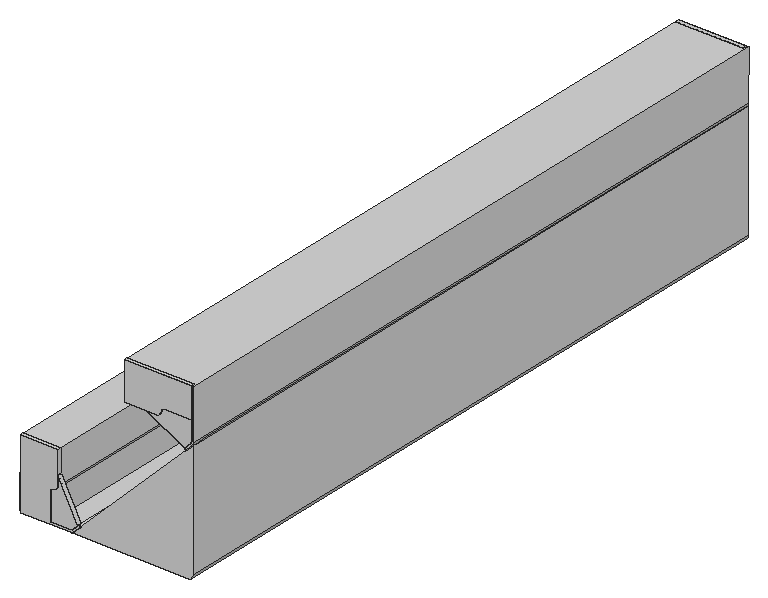
Revit family "ORMA_ORMA STRIPPING CORNER 1.2_1908772", category Generic Models, Revit 2018
Family settings
  Can host rebar = No
  Round Connector Dimension = Use Diameter
  Part Type = Normal
  OmniClass Number = 35.51.14.00
  OmniClass Title = FORMWORK
  Work Plane-Based = Yes
  Always vertical = No
  Cut with Voids When Loaded = No
  Shared = Yes
  Room Calculation Point = No
Parameters
  VERSION = "20190101"  # constant formula
  URL = "www.ulmaconstruction.com/en"
  UNICLASS = ""
  STRIPPED [instance] = no
  ITEM_CODE = "1908772"
  Manufacturer = "ULMA CONSTRUCTION"  # constant formula
  MOBILE PARTE X [instance] = if(STRIPPED, 275.000 mm, 300.000 mm)  # 300.000 mm
  MOBILE PART Y [instance] = if(STRIPPED, 25.000 mm, 0.000 mm)  # 0.000 mm
  FILTER [instance] = ""
  Default Elevation = 0.000 mm
  CLASSIFICATION_TITLE = ""
  CLASSIFICATION_NUMBER = ""
Reference planes
  plane 1 "Centro (Frontal/Posterior)": y = 0
  plane 2: z = 0
  plane 3 "Centro (Izquierda/Derecha)": x = 0
  plane 4 "LEFT SIDE": x = -300
  plane 5 "RIGHT SIE": z = 300
  plane 6 "ITEM_HEIGHT": y = 1200
  plane 7: z = 0
  plane 8: x = 0
  plane 9 "LEFT TIES": x = -271.5
  plane 10 "RIGHT TIES": z = 271.5
  plane 11 "EXTERIOR HOLE 1": y = 450
  plane 12 "TIE 1": y = 34
  plane 13 "EXTERIOR HOLE 2": y = 750
  plane 14 "TIE 2": y = 640
Forms (mm)
  Extrusion 1, solid, material "ULMA ZINC"
    sketch origin (0, 0, 0) x (1, 0, 0) y (0, 0, 1)
      loop
        arc (-8, 0) -> (-2.343, 2.343) -> (0, 8) r 8
        line (0, 8) -> (0, 209.343) -> (-209.343, 0) -> (-8, 0)
    from 0 to -1200
Dimensions and locks
  "MOBILE PARTE X": plane 3 "Centro (Izquierda/Derecha)" to plane 4 "LEFT SIDE"
  "MOBILE PARTE X": plane 5 "RIGHT SIE" to plane 2
  plane 1 "Centro (Frontal/Posterior)" to plane 6 "ITEM_HEIGHT" = 1200.000 mm
  locked: Extrusion 1 sketch curve to Extrusion 1 sketch curve at 209.343  (x2)
  "MOBILE PART Y": plane 7 to plane 2
  "MOBILE PART Y": plane 3 "Centro (Izquierda/Derecha)" to plane 8
  locked: plane 9 "LEFT TIES" to plane 4 "LEFT SIDE" at 28.5
  locked: plane 5 "RIGHT SIE" to plane 10 "RIGHT TIES" at 28.5
  locked: Extrusion 1 sketch curve to Extrusion 1 sketch curve (angle 45.00°)
  aligned and locked: level to plane 2
  aligned and locked: plane 4 "LEFT SIDE" to nested 1
  aligned and locked: plane 5 "RIGHT SIE" to nested 2
  aligned and locked: plane 6 "ITEM_HEIGHT" to Extrusion 1
  aligned and locked: nested 1 to plane 7
  aligned and locked: nested 2 to plane 8
Automatic sketch dimensions
  Extrusion 1 sketch curve to plane 3 "Centro (Izquierda/Derecha)" = 0.000 mm
  Extrusion 1 sketch curve to plane 3 "Centro (Izquierda/Derecha)" = 8.000 mm
  level to Extrusion 1 sketch curve = 0.000 mm
Nested families
  nested 1: "PARTE MOVIL ESCUADRA DESENCOFRADO - 1908795_PANELS" at (-300, 0, 0), type "PARTE MOVIL ESCUADRA DESENCOFRADO - 1908795_PANELS"
    with FILTER ""
  nested 2: "PARTE MOVIL ESCUADRA DESENCOFRADO - 1908795_PANELS" at (0, 0, 300) x (0, 0, -1) z (-1, 0, 0), type "PARTE MOVIL ESCUADRA DESENCOFRADO - 1908795_PANELS"
    with FILTER ""
Definition of nested family "PARTE MOVIL ESCUADRA DESENCOFRADO - 1908795_PANELS"
  Parameters (values of type "PARTE MOVIL ESCUADRA DESENCOFRADO - 1908795_PANELS")
    VERSION = "20190101"  # constant formula
    URL = "www.ulmaconstruction.com/en"
    UNICLASS = ""
    Manufacturer = "ULMA CONSTRUCTION"  # constant formula
    FILTER [instance] = ""
    Default Elevation = 0.000 mm
    CLASSIFICATION_TITLE = ""
    CLASSIFICATION_NUMBER = ""
  Reference planes
    plane 1 "Centro (Frontal/Posterior)": y = 0
    plane 2: z = 0
    plane 3 "Centro (Izquierda/Derecha)": x = 0
    plane 4 "ITEM_HEIGHT": y = 1200
    plane 5 "EXTERNAL HOLE 1": y = 450
    plane 6 "EXTERNAL HOLE 1": y = 1050
    plane 7 "EXTERNAL HOLE 2": y = 750
    plane 8 "TIE HOLE 2": y = 640
    plane 9 "TIE HOLE 1": y = 34
  Forms (mm)
    Extrusion 1, solid
      sketch origin (-300, 0, 0.001) x (1, 0, 0) y (0, 0, 1)
        loop
          line (365, 119.999) -> (299.999, 119.999) -> (299.999, -0.001) -> (387.343, -0.001)
          arc (387.343, -0.001) -> (390.405, 0.608) -> (393, 2.342) r 8
          line (393, 2.342) -> (403.847, 13.189) -> (401.015, 16.021) -> (390.524, 5.449)
          arc (390.524, 5.449) -> (388.918, 4.387) -> (387.029, 4.014) r 4.975
          line (387.029, 4.014) -> (352.5, 4.014) -> (352.5, 52.038)
          arc (352.5, 52.038) -> (352.915, 53.418) -> (354.023, 54.339) r 2.5
          line (354.023, 54.339) -> (361.344, 57.447)
          arc (361.344, 57.447) -> (364.003, 59.658) -> (365, 62.97) r 6
          line (365, 62.97) -> (365, 119.999)
      from -1200 to 0
    Extrusion 2, solid, detail levels fine
      sketch origin (0, 1200, 0) x (-1, 0, 0) y (0, 0, 1)
        loop
          line (-87.029, 4.015) -> (0.001, 4.015) -> (0.001, 120) -> (-65, 120) -> (-65, 81) -> (-100, 15) -> (-90.524, 5.45)
          arc (-90.524, 5.45) -> (-88.918, 4.388) -> (-87.029, 4.015) r 4.975
      from 0 to -6
    Extrusion 3, solid, not visible, detail levels fine
      sketch origin (65, 600, 81) x (0, 0, 1) y (0, -1, 0)
        loop
          circle (4, -450) r 19
      from 0 to 8
    Extrusion 4, solid, detail levels fine
      sketch origin (65, 0, 81) x (0, 0, 1) y (0, -1, 0)
        loop
          circle (4, -450) r 19
      from 0 to 8
    Extrusion 5, solid, detail levels fine
      sketch origin (0, 0, 0) x (1, 0, 0) y (0, 0, 1)
        loop
          arc (87.029, 4.015) -> (88.918, 4.388) -> (90.524, 5.45) r 4.975
          line (90.524, 5.45) -> (100, 15) -> (65, 81) -> (65, 120) -> (-0.001, 120) -> (-0.001, 4.015) -> (87.029, 4.015)
      from 0 to -6
    Extrusion 6, solid, detail levels fine
      sketch origin (65, 300, 81) x (0, 0, 1) y (0, -1, 0)
        loop
          circle (4, -450) r 19
      from 0 to 8
  Lines and regions (mm)
    model lines, detail levels fine
      curve 1: arc (44, 647.5, 120) -> (28.5, 663, 120) -> (13, 647.5, 120) r 15.5
      curve 2: line (13, 632.5, 120) -> (13, 647.5, 120)
      curve 3: line (44, 647.5, 120) -> (44, 632.5, 120)
      curve 4: arc (13, 632.5, 120) -> (28.5, 617, 120) -> (44, 632.5, 120) r 15.5
      curve 5: circle (28.5, 640, 120) r 13 normal (0, 0, 1)
      curve 6: circle (28.5, 640, 0) r 13 normal (0, 0, 1)
      curve 8: circle (-0.001, 450, 85) r 11 normal (1, 0, 0)
      curve 9: circle (73, 450, 85) r 11 normal (1, 0, 0)
      curve 11: circle (-0.001, 750, 85) r 11 normal (1, 0, 0)
      curve 12: circle (73, 750, 85) r 11 normal (1, 0, 0)
      curve 13: arc (44, 41.5, 120) -> (28.5, 57, 120) -> (13, 41.5, 120) r 15.5
      curve 14: line (13, 26.5, 120) -> (13, 41.5, 120)
      curve 15: line (44, 41.5, 120) -> (44, 26.5, 120)
      curve 16: arc (13, 26.5, 120) -> (28.5, 11, 120) -> (44, 26.5, 120) r 15.5
      curve 17: circle (28.5, 34, 120) r 13 normal (0, 0, 1)
      curve 18: circle (28.5, 34, 0) r 13 normal (0, 0, 1)
    model lines, not visible, detail levels fine
      curve 7: circle (-0.001, 1050, 85) r 11 normal (1, 0, 0)
      curve 10: circle (73, 1050, 85) r 11 normal (1, 0, 0)
  Dimensions and locks
    plane 1 "Centro (Frontal/Posterior)" to plane 4 "ITEM_HEIGHT" = 1200.000 mm
    aligned and locked: level to plane 2
    aligned and locked: plane 4 "ITEM_HEIGHT" to Extrusion 2
